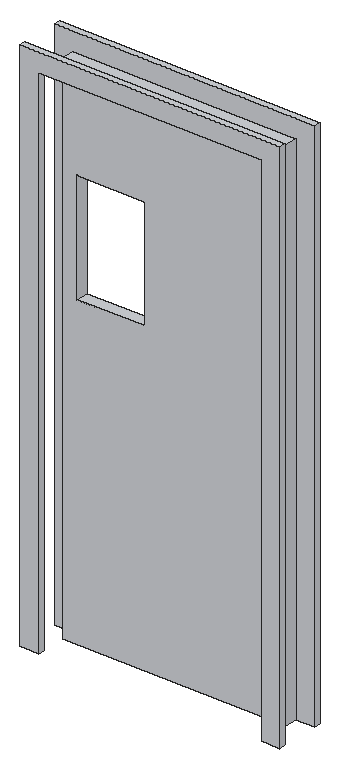
Revit family "0004_M_DR_W_Door w light", category 문, Revit 2026
Family settings
  호스트 = 벽
  항상 수직 = 예
  로드될 때 보이드를 사용하여 절단 = 아니오
  공유 = 아니오
  룸 계산 점 = 아니오
Parameters (values of type "36" x 84"")
  벽 마무리 = 호스트별
  기능 = 내부
  Door Thickness = 0' - 2"
  Height = 7' - 0"
  Trim Projection Ext = 0' - 1"
  Trim Projection Int = 0' - 1"
  Trim Width = 0' - 3"
  Width = 3' - 0"
  Assembly Code = ""
Reference planes (in)
  plane 1: y = 0
  plane 2: z = 0
  plane 3: x = 0
  plane 4: x = -18
  plane 5: x = 18
  plane 6: z = 84
Forms (in)
  Extrusion 1, solid
    sketch origin (0, 0, 0) x (1, 0, 0) y (0, 0, 1)
      loop
        line (-18, 84) -> (-18, 0) -> (18, 0) -> (18, 84) -> (-18, 84)
    from -3 to -1
  Extrusion 2, solid
    sketch origin (-60, -3, 0) x (1, 0, 0) y (0, 0, 1)
      loop
        line (39, 87) -> (39, 0) -> (42, 0) -> (42, 84) -> (78, 84) -> (78, 0) -> (81, 0) -> (81, 87) -> (39, 87)
    from 0 to 1
  Extrusion 3, solid
    sketch origin (-60, 3, 0) x (-1, 0, 0) y (0, 0, 1)
      loop
        line (-81, 87) -> (-81, 0) -> (-78, 0) -> (-78, 84) -> (-42, 84) -> (-42, 0) -> (-39, 0) -> (-39, 87) -> (-81, 87)
    from 0 to 1
  Extrusion 4, void
    sketch origin (-20.78484, 0, -0.3959) x (0, 0, -1) y (1, 0, 0)
      loop
        line (-50.18613, 4.98537) -> (-50.18613, 16) -> (-68.18613, 16) -> (-68.18613, 4.98537) -> (-50.18613, 4.98537)
    from -3 to 0
Cuts and joins
  Extrusion 4 cuts Extrusion 1
  Extrusion 4 cuts Extrusion 2
  Extrusion 4 cuts Extrusion 3
Lines and regions (in)
  Opening 1
    outline origin (-60, -3, 144) x (0, 0, -1) y (1, 0, 0)
      loop
        line (60, 42) -> (144, 42) -> (144, 78) -> (60, 78) -> (60, 42)
  symbolic lines, style "DoorsPanelProjection"
    curve 1: line (18, 3, 0) -> (16, 3, 0)
    curve 2: line (18, 3, 0) -> (18, 39.0111, 0)
    curve 3: line (18, 39.0111, 0) -> (16, 39.0111, 0)
    curve 4: line (16, 3, 0) -> (16, 39.0111, 0)
  model lines, style "DoorsFrameMullionProjection"
    curve 5: line (-21, -3, 0) -> (-21, -3, 87)
    curve 6: line (-21, -3, 87) -> (21, -3, 87)
    curve 7: line (21, -3, 87) -> (21, -3, 0)
    curve 8: line (21, 3, 0) -> (21, 3, 87)
    curve 9: line (-21, 3, 87) -> (21, 3, 87)
    curve 10: line (-21, 3, 87) -> (-21, 3, 0)
  symbolic lines, style "Elevation Swing"
    curve 11: line (-18, -3, 0) -> (18, -3, 42)
    curve 12: line (-18, -3, 84) -> (18, -3, 42)
    curve 13: line (-18, 3, 84) -> (18, 3, 42)
    curve 14: line (-18, 3, 0) -> (18, 3, 42)
  symbolic lines, style "Plan Swing"
    curve 15: arc (16, 39.0111, 0) -> (-8.2005, 27.78574, 0) -> (-18.06659, 3, 0) r 36.06659
Dimensions and locks (in)
  equal spacing: plane 4, plane 3, plane 5
  "Width": plane 4 to plane 5
  locked: host wall to curve 1
  control icon elem to plane 5 = 0' - 10"
  "Height": plane 6 to plane 2
  "Trim Width": plane 4 to curve 5
  "Trim Width": plane 5 to curve 7
  "Trim Width": plane 6 to curve 6
  equal spacing: plane 6, curve 12, level
  plane 6 to level = 7' - 0"
  locked: curve 9 to host wall
  "Trim Projection Ext": Extrusion 3 to host wall
  "Trim Projection Int": Extrusion 2 to host wall
  "Door Thickness": curve 4 to plane 5
  "Door Thickness": Extrusion 1 to host wall
  aligned and locked: host wall to Extrusion 1
  aligned and locked: plane 2 to curve 5
  aligned and locked: curve 7 to level
  aligned and locked: curve 8 to curve 7
  aligned and locked: plane 4 to curve 11
  aligned and locked: plane 6 to curve 12
  aligned and locked: curve 6 to Extrusion 2 sketch curve
  aligned and locked: Extrusion 2 sketch curve to curve 5
  aligned and locked: Extrusion 2 sketch curve to curve 7
  aligned and locked: Extrusion 2 to Extrusion 3 sketch curve
  aligned and locked: Extrusion 3 sketch curve to Extrusion 2  (x2)
  aligned and locked: curve 15 to curve 13
  aligned and locked: host wall to Extrusion 4  (x2)
Automatic sketch dimensions
  Opening 1 sketch curve to plane 6 = 0' - 0"
  Opening 1 sketch curve to level = 0' - 0"
  Opening 1 sketch curve to plane 4 = 0' - 0"
  Opening 1 sketch curve to plane 5 = 0' - 0"
  Extrusion 1 sketch curve to plane 4 = 0' - 0"
  Extrusion 1 sketch curve to plane 5 = 0' - 0"
  Extrusion 1 sketch curve to level = 0' - 0"
  Extrusion 1 sketch curve to plane 6 = 0' - 0"
  Extrusion 2 sketch curve to level = 0' - 0"  (x2)
  Extrusion 2 sketch curve to plane 4 = 0' - 0"
  Extrusion 2 sketch curve to plane 5 = 0' - 0"
  Extrusion 2 sketch curve to plane 6 = 0' - 0"
  Extrusion 3 sketch curve to level = 0' - 0"  (x2)
  Extrusion 3 sketch curve to plane 5 = 0' - 0"
  Extrusion 3 sketch curve to plane 4 = 0' - 0"
  Extrusion 3 sketch curve to plane 6 = 0' - 0"
  curve 13 to plane 4 = 0' - 0"
  curve 13 to plane 6 = 0' - 0"
  curve 13 to plane 5 = 0' - 0"
  curve 8 to level = 0' - 0"
  curve 10 to level = 0' - 0"
  curve 14 to level = 0' - 0"
  curve 11 to level = 0' - 0"
  curve 10 to curve 5 = 0' - 0"  (x2)
  curve 13 to curve 11 = 0' - 0"
  curve 14 to plane 4 = 0' - 0"
  curve 12 to plane 4 = 0' - 0"
  curve 11 to plane 5 = 0' - 0"
  curve 1 to plane 5 = 0' - 0"
  curve 15 to plane 5 = 0' - 0"
  plane 4 to curve 15 = 0' - 0.06659"
  Extrusion 4 sketch curve to plane 3 = 1' - 3.79946"
  plane 6 to Extrusion 4 sketch curve = 1' - 4.20977"
  Extrusion 4 sketch curve to Extrusion 4 sketch curve = 1' - 6"
  plane 5 to Extrusion 4 sketch curve = 1' - 10.78484"
